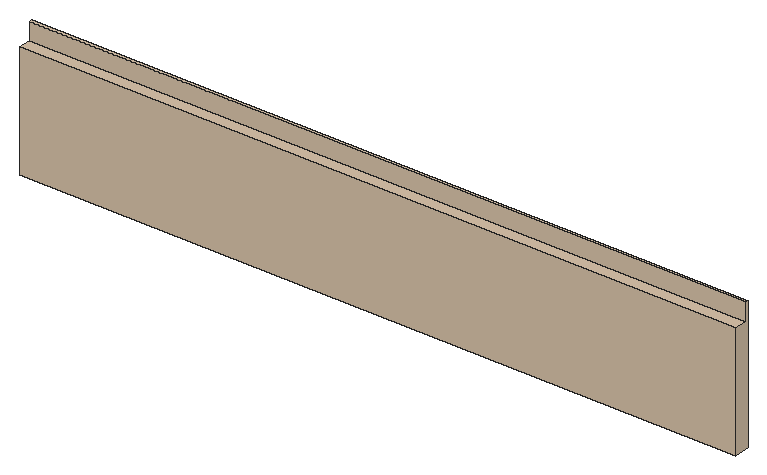
Revit family "Haworth_Masters_Drawer_Half", category Furniture Systems, Revit 2018
Family settings
  Round Connector Dimension = Use Diameter
  Part Type = Normal
  Work Plane-Based = No
  Always vertical = Yes
  Cut with Voids When Loaded = No
  Shared = No
  Room Calculation Point = No
Parameters (values of type "Haworth Drawer")
  Warranty = "http://www.haworth.com/resources/product-info/warranties"
  URL - Product = "http://www.haworth.com/products/desks/freestanding/masters-series"
  URL = "www.haworth.com"
  Sustainability Info = "http://www.haworth.com/company-info/sustainablility"
  Revision Number = "2"  # constant formula
  Pull Linear = no
  Pull Height = 1 7/16"
  Pull Finish = Haworth _ Metal _ Brushed Aluminum
  Pull Bar = no
  Pull Classic = no
  Model = "Haworth - Masters - Drawer - Half"  # constant formula
  Manufacturer = "Haworth"  # constant formula
  Front Finish = Haworth _ Wood _ White Oak
  Finger Pull Top Distance [instance] = if(Finger Pull Top, 7/8", 0")  # 7/8"
  Finger Pull Top [instance] = yes
  Finger Pull Side Distance [instance] = if(Finger Pull Top, 1/8", 3/4")  # 1/8"
  Finger Pull Bottom Distance [instance] = if(Finger Pull Bottom, 7/8", 0")  # 7/8"
  Finger Pull Bottom [instance] = yes
  Drawer Width = 36"
  Drawer Height [instance] = 12"
  Drawer Finish = Haworth _ Wood _ White Oak
  Description = "Haworth - Masters - Drawer - Half"  # constant formula
  Classic Pull Length = 6 3/4"
  Bottom Finger Pull Side Distance [instance] = if(Finger Pull Bottom, 1/8", 3/4")  # 1/8"
  Bar Pull Length = 30"
  Author = ""
  Assembly Code = "E2020200"
Reference planes (in)
  plane 1 "Drawer Back": y = -0.26213
  plane 2: z = 0
  plane 3 "Center L/R": x = 0
  plane 4 "Drawer Front": y = -1.01213
  plane 5 "Left": x = -18
  plane 6 "Right": x = 18
  plane 7 "Top": z = 12
  plane 8 "Integral Top": z = 10.28125
  plane 9 "Pull Location": z = 10.5625
  plane 10 "Integral Bottom": z = 10.84375
  plane 11: z = 10.75
  plane 12: z = 11.3125
  plane 13: x = 7.75
  plane 14: y = -0.375
  plane 15 "Top Finger Pull Side Offset": y = -0.38713
  plane 16 "Finger Pull Top Offset": z = 11.125
  plane 17 "Bottom Finger Pull Side Offset": y = -0.38713
  plane 18 "Finger Pull Bottom Offset": z = 0.875
  plane 19: z = 0.875
  plane 20: y = -0.38713
  plane 21: z = 11.125
  plane 22: z = 5.375
Forms (in)
  Extrusion 1, solid, material "Haworth _ Wood _ White Oak" <- "Drawer Finish"
    sketch origin (-18, 0, 2.25) x (0, 1, 0) y (0, 0, 1)
      loop
        line (-0.26213, 9.75) -> (-0.38713, 9.75) -> (-0.38713, 8.875) -> (-1.01213, 8.875) -> (-1.01213, 3.125) -> (-0.26213, 3.125) -> (-0.26213, 9.75)
    from 0 to 36
Dimensions and locks (in)
  equal spacing: plane 5 "Left", plane 3 "Center L/R", plane 6 "Right"
  "Drawer Width": plane 5 "Left" to plane 6 "Right"
  locked: plane 1 "Drawer Back" to plane 4 "Drawer Front" at 0.75
  "Drawer Height": plane 7 "Top" to level
  "Pull Height": plane 7 "Top" to plane 9 "Pull Location"
  equal spacing: plane 10 "Integral Bottom", plane 9 "Pull Location", plane 8 "Integral Top"
  locked: plane 10 "Integral Bottom" to plane 8 "Integral Top" at 0.5625
  plane 7 "Top" to plane 12 to plane 11 = 11/16" locked, 9/16" locked
  "Finger Pull Top Distance": plane 7 "Top" to plane 16 "Finger Pull Top Offset"
  "Finger Pull Side Distance": plane 1 "Drawer Back" to plane 15 "Top Finger Pull Side Offset"
  locked: plane 19 to level at 0.875
  "Bottom Finger Pull Side Distance": plane 1 "Drawer Back" to plane 17 "Bottom Finger Pull Side Offset"
  "Finger Pull Bottom Distance": plane 18 "Finger Pull Bottom Offset" to level
  locked: plane 1 "Drawer Back" to plane 20 at 0.125
  locked: plane 7 "Top" to plane 21 at 0.875
  plane 7 "Top" to plane 22 = 6 5/8"
  aligned and locked: plane 7 "Top" to Extrusion 1 sketch curve
  aligned: plane 7 "Top" to nested 1
  aligned and locked: nested 1 to plane 4 "Drawer Front"
  aligned and locked: nested 1 to plane 9 "Pull Location"
  aligned and locked: plane 3 "Center L/R" to nested 1
  aligned and locked: plane 16 "Finger Pull Top Offset" to Extrusion 1 sketch curve
  aligned and locked: plane 15 "Top Finger Pull Side Offset" to Extrusion 1 sketch curve
  aligned and locked: plane 20 to Extrusion 1 sketch curve
  aligned and locked: plane 21 to Extrusion 1 sketch curve
  aligned and locked: Extrusion 1 to plane 22
  aligned and locked: Extrusion 1 to plane 5 "Left"
  aligned and locked: Extrusion 1 to plane 6 "Right"
  aligned and locked: Extrusion 1 to plane 4 "Drawer Front"
  aligned and locked: Extrusion 1 to plane 1 "Drawer Back"
Automatic sketch dimensions
  Extrusion 1 sketch curve to plane 4 "Drawer Front" = 0"
  Extrusion 1 sketch curve to plane 1 "Drawer Back" = 0"
  Extrusion 1 sketch curve to plane 22 = 0"
Nested families (in)
  nested 1: "Haworth_Drawer-Pulls" at (0, -1.01213, 10.5625), type "Pull", detail levels medium+fine
